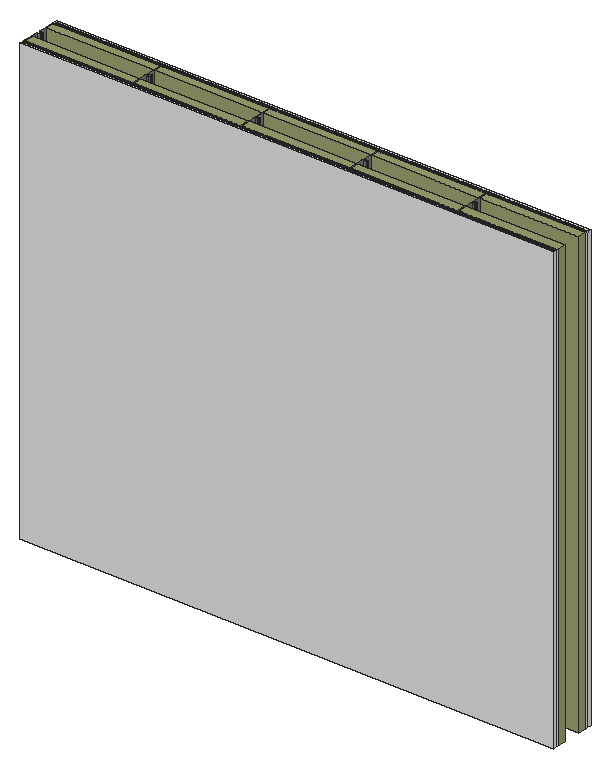
Revit family "Wall system Plasterboard - Rigislab (STC 72_Uvalue 0.30) - new", category Structural Stiffeners, Revit 2020
Family settings
  OmniClass Number = 23.25.30.11.27
  OmniClass Title = Vibration and Earthquake Controls
  Cut with Voids When Loaded = No
  Shared = No
Parameters (values of type "STC 45(Plasterboard)")
  U-Value (W/m2k) = "0.30"
  U Value Report = ""
  Type of Insulation = "Glass Mineral Wool Semi-rigid slab"
  Total System Thickness-mm = 102 mm
  Thermal R Value = 1.4
  Thermal K Value = 0.348
  System Description = "1. Gypsum Plasterboard-19mm\r\n2. Ecowool Rigislab 50mm x 20kg/m3\r\n3. Stud 64mm \r\n4. Gypsum Plasterboard-19mm"
  Sustainability - Same documentation for all selection = ""
  SubW [instance] = roundup([built-in parameter 1001306] / 609 mm) * 609 mm  # 3045 mm
  SubL [instance] = if([built-in parameter 1001306] > 1218 mm, No Insulation * 609 mm, if([built-in parameter 1001306] > 609 mm, 609 mm, if([built-in parameter 1001306] > 0 mm, 0 mm, No Insulation * 609 mm))) + 1 mm  # 2437 mm
  STC in dB = 45
  STC Report = ""
  STC No = "72"
  Remarks = "Recommended for drywall partition applications where some acoustic performance\r\nare required. Such as office & commercial environment"
  No Metal Stud [instance] = ([built-in parameter 1001306] / [Metal Stud Spacer (mm)])  # 5
  No Insulation [instance] = roundup(SubW / 609 mm) - 1  # 4
  Metal Stud Width = 92 mm
  Metal Stud Spacer (mm) = 609 mm
  Material Specification = "Ecowool Brownie RigiSlab"
  Manufacturer = "PGF Insulation Sdn. Bhd."
  MSDS = ""
  built-in parameter 1001306 [instance] = 3000 mm
  Insulation Length (mm) = 609 mm
  Insulation Thickness (mm) = 200 mm
  Installation and Workmanship- Same for all the system = ""
  Height Wall (mm) = 2500 mm
  Handling and Storage- Same for all system = ""
  Gypsum Thickness (mm) = 16 mm
  Finish = BROWNIE RigiSlab
  FAQ- Same for all System = ""
  ECOWOOL Product thickness in mm = "50"
  Description = "Ecowool Rigislab is semi-rigid or rigid slabs of non-combustible, water repellent, glass mineral wool. They are designed to suit standard dry wall, ensuring a closed joint with adjacent slabs."
  Density = 20.00 kg/m³
  Board Material = Plaster Board
  Board 2 = yes
  Board 1 = yes
  AutoCad Drawing = ""
Types (2, lengths in mm): name | Insulation Thickness (mm)
  (no name) | 100
  STC 45(Plasterboard) | 200
Reference planes
  plane 1 "Center (Front/Back)": y = -12.5
  plane 2: z = 0
  plane 3 "Left": x = 0
  plane 4 "Right": x = 3000
  plane 5: z = 2500
  plane 6: x = 2437
  plane 7: x = 3046
  plane 8: y = 87.5
  plane 9: y = -112.5
  plane 10: y = 37.5
  plane 11: y = -62.5
Forms (mm)
  Extrusion 1, solid, material "BROWNIE RigiSlab" <- "Finish"
    sketch origin (0, 0, 0) x (1, 0, 0) y (0, 1, 0)
      loop
        line (2437, 87.5) -> (2437, 37.5) -> (3046, 37.5) -> (3046, 87.5) -> (2437, 87.5)
    from 0 to 2500
  Extrusion 2, void
    sketch origin (0, 0, 0) x (1, 0, 0) y (0, 1, 0)
      loop
        line (2999, 87.5) -> (2999, -112.5) -> (3046, -112.5) -> (3046, 87.5) -> (2999, 87.5)
    from -45.694 to 2779.923
  Extrusion 3, solid, material "BROWNIE RigiSlab" <- "Finish"
    sketch origin (0, -150, 0) x (1, 0, 0) y (0, 1, 0)
      loop
        line (2437, 87.5) -> (2437, 37.5) -> (3046, 37.5) -> (3046, 87.5) -> (2437, 87.5)
    from 0 to 2500
Cuts and joins
  Extrusion 2 cuts Extrusion 1
  Extrusion 2 cuts Extrusion 3
Lines and regions (mm)
  reference lines
    curve 1: line (0, -12.5, 0) -> (3000, -12.5, 0)
Dimensions and locks
  "built-in parameter 1001306": plane 3 "Left" to plane 4 "Right"
  "Height Wall (mm)": plane 5 to level
  "SubL": plane 3 "Left" to plane 6
  locked: plane 6 to plane 7 at 609
  locked: Extrusion 2 sketch curve to plane 4 "Right" at 1
  plane 4 "Right" to plane 7 = 46 mm
  plane 6 to plane 4 "Right" = 563 mm
  equal spacing: Extrusion 2 sketch curve, Extrusion 2 sketch curve, nested 1
  "Insulation Thickness (mm)": plane 9 to plane 8
  equal spacing: plane 9, plane 1 "Center (Front/Back)", plane 8
  equal spacing: group 1, group 2, group 3, group 4, group 5  (x2)
  equal spacing: group 5, group 4, group 3, group 2, group 1
  equal spacing: group 6, group 7, group 8, group 9, group 10  (x3)
  equal spacing: group 11, group 12, group 13, group 14  (x3)
  "Insulation Thickness (mm)": Extrusion 2 sketch curve to Extrusion 2 sketch curve
  aligned and locked: plane 4 "Right" to curve 1
  aligned and locked: plane 1 "Center (Front/Back)" to curve 1
  aligned and locked: plane 3 "Left" to curve 1
  aligned and locked: plane 3 "Left" to nested 1
  aligned and locked: plane 4 "Right" to nested 1
  aligned and locked: plane 5 to nested 2
  aligned and locked: plane 1 "Center (Front/Back)" to nested 1
  aligned and locked: nested 2 to nested 3
  aligned and locked: plane 7 to Extrusion 1 sketch curve
  aligned and locked: Extrusion 1 sketch curve to plane 6
  aligned and locked: plane 5 to Extrusion 1
  aligned and locked: Extrusion 1 to level
  aligned and locked: plane 8 to nested 3
  aligned and locked: plane 9 to nested 13
  aligned and locked: plane 8 to nested 2
  aligned and locked: plane 9 to nested 8
  aligned and locked: Extrusion 1 sketch curve to plane 10
Automatic sketch dimensions
  plane 8 to Extrusion 1 sketch curve = 0 mm
  Extrusion 2 sketch curve to plane 7 = 0 mm
  plane 9 to Extrusion 2 sketch curve = 0 mm
  Extrusion 3 sketch curve to plane 6 = 0 mm
  Extrusion 3 sketch curve to plane 7 = 0 mm
  plane 9 to Extrusion 3 sketch curve = 0 mm
  plane 11 to Extrusion 3 sketch curve = 0 mm
Nested families
  nested 1: "Gypsum Plasterboard" at (0, -12.5, 0), type "Gypsum Plasterboard"
    with built-in parameter 1001306 3000 mm, Insulation Width 200 mm, Gypsum Thickness 16 mm
  nested 2: "Metal Stud" at (0, 41.5, 0), type "Metal Stud"
    with Metal Stud Width 92 mm
  nested 3: "Insulation Brownie" at (1, 62.5, 0), type "Insulation Brownie"
    with Thickness Insulation 50 mm
  nested 4: "Metal Stud" at (610, 40.5, 0), type "Metal Stud"
    with Metal Stud Width 92 mm
  nested 5: "Metal Stud" at (1220, 39.5, 0), type "Metal Stud"
    with Metal Stud Width 92 mm
  nested 6: "Metal Stud" at (1830, 38.5, 0), type "Metal Stud"
    with Metal Stud Width 92 mm
  nested 7: "Metal Stud" at (2440, 37.5, 0), type "Metal Stud"
    with Metal Stud Width 92 mm
  nested 8: "Metal Stud" at (0, -66.5, 0), type "Metal Stud"
    with Metal Stud Width 92 mm
  nested 9: "Metal Stud" at (610, -65.5, 0), type "Metal Stud"
    with Metal Stud Width 92 mm
  nested 10: "Metal Stud" at (1220, -64.5, 0), type "Metal Stud"
    with Metal Stud Width 92 mm
  nested 11: "Metal Stud" at (1830, -63.5, 0), type "Metal Stud"
    with Metal Stud Width 92 mm
  nested 12: "Metal Stud" at (2440, -62.5, 0), type "Metal Stud"
    with Metal Stud Width 92 mm
  nested 13: "Insulation Brownie" at (1, -87.5, 0), type "Insulation Brownie"
    with Thickness Insulation 50 mm
  nested 14: "Insulation Brownie" at (611, 62.5, 0), type "Insulation Brownie"
    with Thickness Insulation 50 mm
  nested 15: "Insulation Brownie" at (611, -87.5, 0), type "Insulation Brownie"
    with Thickness Insulation 50 mm
  nested 16: "Insulation Brownie" at (1221, 62.5, 0), type "Insulation Brownie"
    with Thickness Insulation 50 mm
  nested 17: "Insulation Brownie" at (1221, -87.5, 0), type "Insulation Brownie"
    with Thickness Insulation 50 mm
  nested 18: "Insulation Brownie" at (1831, 62.5, 0), type "Insulation Brownie"
    with Thickness Insulation 50 mm
  nested 19: "Insulation Brownie" at (1831, -87.5, 0), type "Insulation Brownie"
    with Thickness Insulation 50 mm
Definition of nested family "Gypsum Plasterboard"
  Parameters (values of type "Gypsum Plasterboard")
    Platerboard (inner Layer) = 16 mm
    Manufacturer = "Rockwool"
    built-in parameter 1001306 [instance] = 1200 mm
    Insulation Width = 55 mm
    Height Wall = 2500 mm
    Gypsum Thickness = 12.5 mm
    Description = "Double layers wall system - Rigislab 5020"
    Cement Board 2 = yes
    Cement Board 1 = yes
    Board Type = none
  Reference planes
    plane 1 "Center (Front/Back)": y = 0
    plane 2: z = 0
    plane 3 "Left": x = 0
    plane 4 "Right": x = 1200
    plane 5: y = 27.5
    plane 6: y = -27.5
    plane 7: z = 2500
  Forms (mm)
    Sweep 1, solid, material <- "Board Type", visible <- "Cement Board 1"
      path origin (0, 0, 0) x (1, 0, 0) y (0, -1, 0)
        loop
          line (0, 0) -> (1200, 0)
      profile origin (600, 0, 0) x (0, 1, 0) y (0, 0, 1)
        loop
          line (27.5, 2500) -> (27.5, 0) -> (43.5, 0) -> (43.5, 2500) -> (27.5, 2500)
    Sweep 2, solid, material <- "Board Type", visible <- "Cement Board 2"
      path origin (0, 16, 0) x (1, 0, 0) y (0, -1, 0)
        loop
          line (0, 0) -> (1200, 0)
      profile origin (600, 16, 0) x (0, 1, 0) y (0, 0, 1)
        loop
          line (27.5, 2500) -> (27.5, 0) -> (40, 0) -> (40, 2500) -> (27.5, 2500)
    Sweep 3, solid, material <- "Board Type", visible <- "Cement Board 1"
      path origin (0, 0, 0) x (1, 0, 0) y (0, 1, 0)
        loop
          line (0, 0) -> (1200, 0)
      profile origin (600, 0, 0) x (0, 1, 0) y (0, 0, 1)
        loop
          line (-27.5, 2500) -> (-43.5, 2500) -> (-43.5, 0) -> (-27.5, 0) -> (-27.5, 2500)
    Sweep 4, solid, material <- "Board Type", visible <- "Cement Board 2"
      path origin (0, -16, 0) x (1, 0, 0) y (0, 1, 0)
        loop
          line (0, 0) -> (1200, 0)
      profile origin (600, -16, 0) x (0, 1, 0) y (0, 0, 1)
        loop
          line (-27.5, 2500) -> (-40, 2500) -> (-40, 0) -> (-27.5, 0) -> (-27.5, 2500)
  Lines and regions (mm)
    reference lines
      curve 1: line (0, 0, 0) -> (1200, 0, 0)
  Dimensions and locks
    "built-in parameter 1001306": plane 3 "Left" to plane 4 "Right"
    "Insulation Width": plane 6 to plane 5
    "Height Wall": level to plane 7
    "built-in parameter 1001306": Sweep 1 sketch curve to Sweep 1 sketch curve
    "Platerboard (inner Layer)": Sweep 1 sketch curve to Sweep 1 sketch curve
    "built-in parameter 1001306": Sweep 2 sketch curve to Sweep 2 sketch curve
    "Gypsum Thickness": Sweep 2 sketch curve to Sweep 2 sketch curve
    equal spacing: plane 6, plane 1 "Center (Front/Back)", plane 5
    "built-in parameter 1001306": Sweep 3 sketch curve to Sweep 3 sketch curve
    "Platerboard (inner Layer)": Sweep 3 sketch curve to Sweep 3 sketch curve
    "built-in parameter 1001306": Sweep 4 sketch curve to Sweep 4 sketch curve
    "Gypsum Thickness": Sweep 4 sketch curve to Sweep 4 sketch curve
    aligned and locked: plane 4 "Right" to curve 1
    aligned and locked: plane 1 "Center (Front/Back)" to curve 1
    aligned and locked: plane 3 "Left" to curve 1
    aligned and locked: plane 5 to Sweep 1
    aligned and locked: Sweep 2 to Sweep 2
    aligned and locked: Sweep 1 sketch curve to plane 7
    aligned and locked: Sweep 2 sketch curve to plane 7
    aligned and locked: Sweep 2 to Sweep 1
    aligned and locked: Sweep 4 to Sweep 4
    aligned and locked: Sweep 3 to Sweep 4
  Automatic sketch dimensions
    plane 1 "Center (Front/Back)" to Sweep 1 sketch curve = 0 mm
    Sweep 1 sketch curve to plane 3 "Left" = 0 mm
    Sweep 1 sketch curve to level = 0 mm
    Sweep 1 sketch curve to profile plane = 27.5 mm
    Sweep 2 sketch curve to plane 3 "Left" = 0 mm
    Sweep 2 sketch curve to plane 5 = 11.5 mm
    Sweep 2 sketch curve to level = 0 mm
    Sweep 2 sketch curve to profile plane = 27.5 mm
    plane 1 "Center (Front/Back)" to Sweep 3 sketch curve = 0 mm
    Sweep 3 sketch curve to plane 3 "Left" = 0 mm
    Sweep 3 sketch curve to level = 0 mm
    profile plane to Sweep 3 sketch curve = 43.5 mm
    Sweep 3 sketch curve to Sweep 3 sketch curve = 2500 mm
    Sweep 4 sketch curve to plane 3 "Left" = 0 mm
    Sweep 4 sketch curve to plane 6 = 11.5 mm
    Sweep 4 sketch curve to level = 0 mm
    profile plane to Sweep 4 sketch curve = 40 mm
    level to Sweep 4 sketch curve = 2500 mm
Definition of nested family "Metal Stud"
  Parameters (values of type "Metal Stud")
    Metal Stud Width = 50 mm
    Height = 2500 mm
  Reference planes
    plane 1 "Center (Front/Back)": y = 0
    plane 2: z = 0
    plane 3 "Center (Left/Right)": x = 0
    plane 4 "Center L/S": y = 25
    plane 5 "Center L/T": y = -25
    plane 6: z = 1
    plane 7: z = 2500
    plane 8: z = 2499
  Forms (mm)
    Extrusion 1, solid
      sketch origin (0, 0, 0) x (1, 0, 0) y (0, 1, 0)
        loop
          line (0, 25) -> (0, -25) -> (20, -25) -> (20, -24) -> (1, -24) -> (1, 24) -> (20, 24) -> (20, 25) -> (0, 25)
      from 1 to 2499
  Dimensions and locks
    Extrusion 1 sketch curve to Extrusion 1 sketch curve = 1 mm  (x3)
    locked: plane 8 to plane 7 at 1
    plane 1 "Center (Front/Back)" to Extrusion 1 = 25 mm
    "Height": plane 7 to level
    "Metal Stud Width": plane 5 "Center L/T" to plane 4 "Center L/S"
    equal spacing: plane 5 "Center L/T", plane 1 "Center (Front/Back)", plane 4 "Center L/S"
    locked: plane 6 to plane 2 at 1
    aligned and locked: plane 4 "Center L/S" to Extrusion 1
    aligned and locked: plane 5 "Center L/T" to Extrusion 1
    aligned and locked: plane 3 "Center (Left/Right)" to Extrusion 1
    aligned and locked: Extrusion 1 to plane 6
    aligned and locked: plane 8 to Extrusion 1
  Automatic sketch dimensions
    Extrusion 1 sketch curve to plane 3 "Center (Left/Right)" = 0 mm
    plane 4 "Center L/S" to Extrusion 1 sketch curve = 0 mm
    plane 5 "Center L/T" to Extrusion 1 sketch curve = 0 mm
    Extrusion 1 sketch curve to Extrusion 1 sketch curve = 19 mm  (x2)
Definition of nested family "Insulation Brownie"
  Parameters (values of type "Insulation Brownie")
    Thickness Insulation = 75 mm
    Length of Insulation = 609 mm
    Height of Insulation = 2500 mm
    Finish = none
  Reference planes
    plane 1 "Center (Front/Back)": y = 0
    plane 2: z = 0
    plane 3 "Center (Left/Right)": x = 0
    plane 4: z = 2500
    plane 5: y = 37.5
    plane 6: y = -37.5
  Forms (mm)
    Sweep 1, solid, material <- "Finish"
      path origin (0, 0, 0) x (1, 0, 0) y (0, 1, 0)
        loop
          line (0, 0) -> (609, 0)
      profile origin (304.5, 0, 0) x (0, 1, 0) y (0, 0, 1)
        loop
          line (37.5, 2500) -> (-37.5, 2500) -> (-37.5, 0) -> (37.5, 0) -> (37.5, 2500)
  Dimensions and locks
    "Length of Insulation": Sweep 1 sketch curve to Sweep 1 sketch curve
    "Height of Insulation": plane 4 to level
    equal spacing: plane 5, plane 1 "Center (Front/Back)", plane 6
    "Thickness Insulation": plane 5 to plane 6
    aligned and locked: plane 3 "Center (Left/Right)" to Sweep 1 sketch curve
    aligned and locked: plane 5 to Sweep 1 sketch curve
    aligned and locked: Sweep 1 sketch curve to plane 6
  Automatic sketch dimensions
    plane 1 "Center (Front/Back)" to Sweep 1 sketch curve = 0 mm
    Sweep 1 sketch curve to level = 0 mm
    Sweep 1 sketch curve to plane 4 = 0 mm
